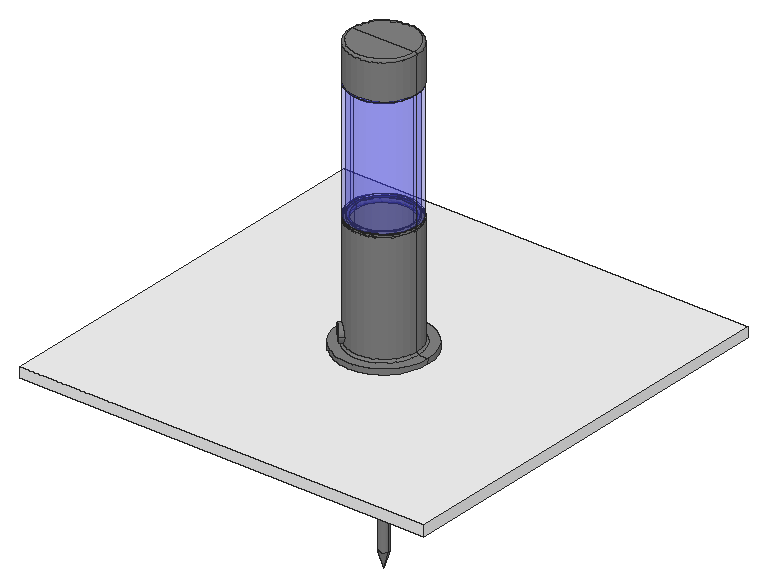
Revit family "BE_84920_de_DE", category Leuchten, Revit 2020
Family settings
  Basisbauteil = Fläche
  Bemaßung runder Anschluss = Durchmesser verwenden
  Teiletyp = Normal
  Beim Laden mit Abzugskörper schneiden = Ja
  Lichtquelle = Ja
  Gemeinsam genutzt = Nein
  Raumberechnungspunkt = Ja
Parameters (values of type "BEGA_84920_Grafit_K3")
  built-in parameter 1150104 = 14.424 (stored number, unit not read)
  Wattage = 1.9 W
  Default Elevation = 0 mm
  built-in parameter 1150113 = 1 (stored number, unit not read)
  built-in parameter 1114218 = 1 (stored number, unit not read)
  Umgebungstemperatur = "25 °C"
  URL = "https://www.bega.com/de/produkt/84920"
  Typenkommentare = "© 2022 BEGA. Wir behalten uns das Recht vor, technische Änderungen ohne vorherige Ankündigung vorzunehmen."  # constant formula
  built-in parameter 1150134 = (empty or 0)
  built-in parameter 1150109 = 1 (stored number, unit not read)
  Strom = "0,03 A"
  built-in parameter 1150110 = 1 (stored number, unit not read)
  Spannung = 239.996 V
  Sonderanfertigung = no
  Seriennummer [instance] = "Hier können Sie die eindeutige Seriennummer für das Facility Management eintragen."
  Schutzklasse = "I"
  Schutzart = "IP 65"
  Scheinlast = 0 VA
  Rutschhemmendes_Glas = ""
  Raster [instance] = no
  Produktdatenblatt = "https://cdn.bega.com/bega/products/84920K3/current/documents/data-sheets/de"
  Oberflächentemperatur = ""
  Neigungswinkel = 0.00°
  Modell = "84920K3"
  Material_18 = BEGA_Gummi_schwarz
  Material_17 = BEGA_Reflektor
  Material_15 = BEGA_Leuchtmedium_matt
  Material_11 = BEGA_Glas_opal
  Material_09 = BEGA_Glas_klar
  Material_06 = BEGA_Oberfläche_Edelstahl_gebürstet
  Material_03 = BEGA_Oberfläche_Weiss_matt
  Material_02 = BEGA_Oberfläche_Silber_matt
  Material_01 [instance] = BEGA_Oberfläche_Grafit_matt
  M_W = no
  M_G = yes
  M_A = no
  Logo = 0
  built-in parameter 1114217 = 1 (stored number, unit not read)
  built-in parameter 1150139 = (empty or 0)
  built-in parameter 1150105 = 23.475 (stored number, unit not read)
  built-in parameter 1150114 = 1 (stored number, unit not read)
  Lumens = 294.994 lm
  built-in parameter 1150115 = 1 (stored number, unit not read)
  Leuchtenlichtstrom = "186 lm"
  Leuchtenanzahl = ""
  Lebensdauerkriterien = "L70B50 @ 25 °C = 200000 h"
  Lastklassifizierung = Beleuchtung
  built-in parameter 1150112 = 1 (stored number, unit not read)
  Lampenlichtstrom = "295 lm"
  Lampe = "LED 1.9 W"
  LED_Modulbezeichnung = "LED-0684/830"
  built-in parameter 1150142 = (empty or 0)
  Hersteller = "BEGA"  # constant formula
  Halbstreuwinkel = ""
  Gewicht = "1.05 kg"
  Frequenz = "50/60 Hz"
  Farbwiedergabeindex = "CRI > 80"
  Farbtemperaturverschiebung bei Dämpfen der Lampe = <Keine Auswahl>
  Farbtemperatur = "3000 K"
  Color Filter = 16777215
  built-in parameter 1150133 = 10 (stored number, unit not read)
  Energieeffizienzklasse = "LED A++ - A"
  Einstecktiefe = ""
  built-in parameter 1150137 = (empty or 0)
  built-in parameter 1150132 = (empty or 0)
  Einbautiefe = ""
  Einbaugehäuse = no
  Einbau_in_Wärmedämmung = ""
  ENEC = ""
  Dimmbar [instance] = "on/off"
  Datei für fotometrisches Netz = "BE_84920K3.IES"
  CE_Konformität = "ja"
  Bestellnummer_Raster [instance] = ""
  Bestellnummer_Einbaugehäuse = ""
  Bestellnummer = "84920K3"
  Beschreibung_Sonderanfertigung = "Hier können Sie Informationen zur Sonderanfertigung eintragen."
  Beschreibung = "Gartenleuchte BEGA UniLink"
  built-in parameter 1150106 = 0.23475 (stored number, unit not read)
  Belastbarkeit [instance] = ""
  BEGA_Intern_aus = yes
  BEGA_Intern_an = yes
  BEGA_Intern_Konstruktion = yes
  BEGA_Intern = yes
  BEGA_IES = yes
  BEGA_Dummy = no
  Anschlussleitung = "5.0 m X05RN-F FEP 2 × 1² + 1G2,5²"
  Anschlussleistung [instance] = "2.6 W"
  Anschlusskasten = ""
  built-in parameter 1150107 = 3000 (stored number, unit not read)
  built-in parameter 1150102 = (empty or 0)
  built-in parameter 1150138 = (empty or 0)
  Aktualisierung = "2022-05-19T04:00:07"
  Abstand_zur_angestrahlten_Fläche [instance] = ""
  AC/DC = "AC"
Reference planes
  plane 1 "Mitte (Vorne/Hinten)": y = 0
  plane 2: z = 0
  plane 3 "Mitte (Links/Rechts)": x = 0
  plane 4 "Links": x = -44
  plane 5 "Rechts": x = 44
  plane 6 "Unten": y = -44
  plane 7 "Oben": y = 44
  plane 8 "Vorne": z = 272
  plane 9 "Hinten": z = -195
Forms (mm)
  Extrusion 1, solid, material "BEGA_Platte_Weiss"
    sketch origin (0, -1119.2, 0) x (1, 0, 0) y (0, 1, 0)
      loop
        line (-200, 1319.2) -> (-200, 919.2) -> (200, 919.2) -> (200, 1319.2) -> (-200, 1319.2)
    from 0 to -10
  Extrusion 2, solid, material "BEGA_Dummy_matt", visible <- "BEGA_Dummy"
    sketch origin (77.149, -76.023, -3) x (1, 0, 0) y (0, 1, 0)
      loop
        circle (-77.149, 76.023) r 44
    from 3 to 275
Dimensions and locks
  plane 1 "Mitte (Vorne/Hinten)" to Extrusion 1 = 200 mm
  aligned and locked: Extrusion 1 to plane 2
  aligned and locked: level to Extrusion 1
Nested families
  nested 1: "BE_84920" at (0, 0, 0), type "BE_84920"
Connectors
  electrical at (0, 0, 0), driven by "Lastklassifizierung", driven by "Spannung", driven by "Scheinlast"
    settings: index 1, voltage 239.996 V, apparent load 0 VA, apparent load phase1 0 VA, apparent load phase2 0 VA, apparent load phase3 0 VA, power factor 1, load classification "Beleuchtung", number of poles 1, system type 31, power factor state 1, is connector primary yes, connector utility no, sub classification motor no, connector description ""
Definition of nested family "BE_84920"
  Parameters (values of type "BE_84920")
    Default Elevation = 1 mm
    URL = "http://www.bega.de/de/produkt"
    Type Comments = "© 2015 BEGA. Wir behalten uns das Recht vor, technische Änderungen ohne vorherige Ankündigung vorzunehmen. "  # constant formula
    Type Image = (empty or 0)
    Neigungswinkel_um_Z2 = 0.00°
    Neigungswinkel_um_Z1 = 0.00°
    Neigungswinkel_um_Y2 = 0.00°
    Neigungswinkel_um_Y1 = 0.00°
    Neigungswinkel_um_X2 = 0.00°
    Neigungswinkel_um_X1 = 0.00°
    Material_18 = none
    Material_17 = none
    Material_15 = none
    Material_11 = none
    Material_09 = none
    Material_06 = none
    Material_01 = none
    M_W = yes
    M_G = yes
    M_A = yes
    Länge_Platte = 200 mm  # constant formula
    Höhe_Platte = -10 mm  # constant formula
    Manufacturer = "BEGA"  # constant formula
    Drehwinkel_um_Z2 = 0.00°
    Drehwinkel_um_Z1 = 0.00°
    Breite_Platte = 200 mm  # constant formula
  Reference planes
    plane 1 "Mitte (Oben/Unten)": y = 0
    plane 2: z = 0
    plane 3 "Mitte (Links/Rechts)": x = 0
  Forms (mm)
    Extrusion 1, solid, detail levels medium
      sketch origin (0, 0, 0) x (1, 0, 0) y (0, 1, 0)
        loop
          line (-100, 100) -> (-100, -100) -> (100, -100) -> (100, 100) -> (-100, 100)
      from 0 to -10 <- "Höhe_Platte"
    Revolve 2, solid, material <- "Material_01"
      sketch origin (0, 0, 0) x (1, 0, 0) y (0, 0, 1)
        loop
          line (-32.753, 114.999) -> (-32.761, 7.242)
          arc (-32.761, 7.242) -> (-33.328, 5.847) -> (-34.708, 5.243) r 2
          line (-34.708, 5.243) -> (-44.011, 5) -> (-44.011, 0) -> (-32.034, -0.001)
          arc (-32.034, -0.001) -> (-30.29, 0.708) -> (-29.535, 2.434) r 2.5
          line (-29.535, 2.434) -> (-28.81, 30.038)
          arc (-28.81, 30.038) -> (-28.211, 31.427) -> (-26.811, 31.999) r 2
          line (-26.811, 31.999) -> (-8.837, 31.997)
          arc (-8.837, 31.997) -> (-7.434, 31.423) -> (-6.838, 30.029) r 2
          line (-6.838, 30.029) -> (-5.024, -179.523) -> (0, -195.461) -> (0, 34.997) -> (-28.612, 34.999) -> (-29.965, 112.799) -> (-31.934, 114.701) -> (-32.753, 114.999)
        axis (0, 114.999) -> (0, -195.461)
      angle from 0 to 360
    Revolve 3, solid, material <- "Material_18"
      sketch origin (0, 0, 0) x (1, 0, 0) y (0, 0, 1)
        loop
          arc (-29.703, 115.949) -> (-30.905, 115.451) -> (-31.403, 114.249) r 1.7
          arc (-31.403, 114.249) -> (-30.905, 113.047) -> (-29.703, 112.549) r 1.7
          arc (-29.703, 112.549) -> (-28.003, 114.249) -> (-29.703, 115.949) r 1.7
        axis (0, 115.949) -> (0, 112.549)
      angle from 0 to 360
    Extrusion 4, solid, material <- "Material_01"
      sketch origin (0, 0, 0) x (1, 0, 0) y (0, 0, 1)
        loop
          line (-24.307, -2.5) -> (-5.658, -34.8) -> (5.658, -34.8) -> (24.307, -2.5)
          arc (24.307, -2.5) -> (26.037, -0.729) -> (28.405, -0.005) r 5
          line (28.405, -0.005) -> (32.012, -0.005)
          arc (32.012, -0.005) -> (30.269, 0.703) -> (29.513, 2.426) r 2.5
          line (29.513, 2.426) -> (28.792, 30.047)
          arc (28.792, 30.047) -> (28.188, 31.427) -> (26.793, 31.995) r 2
          line (26.793, 31.995) -> (14.603, 31.996) -> (-26.811, 31.999)
          arc (-26.811, 31.999) -> (-28.211, 31.427) -> (-28.81, 30.038) r 2
          line (-28.81, 30.038) -> (-29.535, 2.434)
          arc (-29.535, 2.434) -> (-30.29, 0.708) -> (-32.034, -0.001) r 2.5
          line (-32.034, -0.001) -> (-28.405, -0.005)
          arc (-28.405, -0.005) -> (-26.037, -0.729) -> (-24.307, -2.5) r 5
      from -1.5 to 1.5
    Extrusion 5, solid, material <- "Material_01"
      sketch origin (-0.011, -0.011, 0) x (0.000089, -1, 0) y (0, 0, 1)
        loop
          line (-24.307, -2.5) -> (-5.658, -34.8) -> (5.658, -34.8) -> (24.307, -2.5)
          arc (24.307, -2.5) -> (26.037, -0.729) -> (28.405, -0.005) r 5
          line (28.405, -0.005) -> (32.012, -0.005)
          arc (32.012, -0.005) -> (30.269, 0.703) -> (29.513, 2.426) r 2.5
          line (29.513, 2.426) -> (28.792, 30.047)
          arc (28.792, 30.047) -> (28.188, 31.427) -> (26.793, 31.995) r 2
          line (26.793, 31.995) -> (14.603, 31.996) -> (-26.811, 31.999)
          arc (-26.811, 31.999) -> (-28.211, 31.427) -> (-28.81, 30.038) r 2
          line (-28.81, 30.038) -> (-29.535, 2.434)
          arc (-29.535, 2.434) -> (-30.29, 0.708) -> (-32.034, -0.001) r 2.5
          line (-32.034, -0.001) -> (-28.405, -0.005)
          arc (-28.405, -0.005) -> (-26.037, -0.729) -> (-24.307, -2.5) r 5
      from -1.5 to 1.5
    Extrusion 6, solid, material <- "Material_01"
      sketch origin (0, 0, 0) x (0.707107, -0.707107, 0) y (0, 0, 1)
        loop
          circle (0, 14.956) r 8.029
        loop
          circle (0, 14.956) r 5.5
      from 30.225 to 35.5
    Extrusion 7, void
      sketch origin (0, 0, 0) x (0.707107, -0.707107, 0) y (0, 0, 1)
        loop
          circle (0, 14.956) r 5.5
      from 25.249 to 38.861
    Revolve 8, solid, material <- "Material_11"
      sketch origin (0, 0, 0) x (1, 0, 0) y (0, 0, 1)
        loop
          arc (-32.5, 117.392) -> (-32.272, 116.756) -> (-31.691, 116.41) r 1
          line (-31.691, 116.41) -> (-29.416, 115.968) -> (-29.416, 112.374) -> (-26.416, 112.374) -> (-26.416, 117.392) -> (-28.801, 117.856)
          arc (-28.801, 117.856) -> (-29.303, 118.154) -> (-29.5, 118.704) r 0.864
          line (-29.5, 118.704) -> (-29.5, 232.154)
          arc (-29.5, 232.154) -> (-29.349, 232.913) -> (-28.919, 233.557) r 1.983
          line (-28.919, 233.557) -> (-27.736, 234.74) -> (-27.736, 242.116) -> (-30.736, 242.116) -> (-30.736, 235.855) -> (-31.674, 235.314)
          arc (-31.674, 235.314) -> (-32.266, 234.972) -> (-32.5, 234.329) r 1
          line (-32.5, 234.329) -> (-32.5, 117.392)
        axis (0, 242.116) -> (0, 112.374)
      angle from 0 to 360
    Revolve 9, solid, material <- "Material_01"
      sketch origin (0, 0, 0) x (1, 0, 0) y (0, 0, 1)
        loop
          line (-32.5, 235.468) -> (-30.511, 235.468) -> (-30.511, 269.868) -> (0, 269.868) -> (0, 271.868) -> (-30.511, 271.868)
          arc (-30.511, 271.868) -> (-31.914, 271.282) -> (-32.5, 269.879) r 2
          line (-32.5, 269.879) -> (-32.5, 235.468)
        axis (0, 271.868) -> (0, 235.468)
      angle from 0 to 360
  Cuts and joins
    Extrusion 7 cuts Revolve 2
    Extrusion 7 cuts Extrusion 4
    Extrusion 7 cuts Extrusion 5
    Extrusion 7 cuts Extrusion 6
  Dimensions and locks
    equal spacing: Extrusion 1 sketch curve, plane 3 "Mitte (Links/Rechts)", Extrusion 1 sketch curve
    equal spacing: Extrusion 1 sketch curve, plane 1 "Mitte (Oben/Unten)", Extrusion 1 sketch curve
    "Länge_Platte": Extrusion 1 sketch curve to Extrusion 1 sketch curve
    "Breite_Platte": Extrusion 1 sketch curve to Extrusion 1 sketch curve
    aligned and locked: Extrusion 1 to plane 2
    aligned and locked: level to Extrusion 1
  Automatic sketch dimensions
    Revolve 2 sketch curve to level = 0 mm
    Revolve 2 sketch curve to plane 3 "Mitte (Links/Rechts)" = 0 mm
    Revolve 2 sketch curve to plane 3 "Mitte (Links/Rechts)" = 5.024 mm
    Revolve 2 sketch curve to plane 3 "Mitte (Links/Rechts)" = 6.838 mm
    Revolve 2 sketch curve to Revolve 2 sketch curve = 2 mm  (x4)
    Revolve 2 sketch curve to Revolve 2 sketch curve = 17.973 mm
    Revolve 2 sketch curve to Revolve 2 sketch curve = 0 mm  (x6)
    Revolve 2 sketch curve to Revolve 2 sketch curve = 1.802 mm
    Revolve 2 sketch curve to plane 3 "Mitte (Links/Rechts)" = 29.965 mm
    level to Revolve 2 sketch curve = 2.499 mm
    Revolve 2 sketch curve to Revolve 2 sketch curve = 3.224 mm
    Revolve 2 sketch curve to level = 0.001 mm
    level to Revolve 2 sketch curve = 7.242 mm
    Revolve 2 sketch curve to Revolve 2 sketch curve = 0.726 mm
    level to Revolve 2 sketch curve = 5 mm
    Revolve 2 sketch curve to Revolve 2 sketch curve = 9.25 mm
    Revolve 2 sketch curve to level = 179.523 mm
    Revolve 2 sketch curve to Revolve 2 sketch curve = 15.937 mm
    level to Revolve 2 sketch curve = 29.997 mm
    Revolve 2 sketch curve to Revolve 2 sketch curve = 0.001 mm
    Revolve 2 sketch curve to Revolve 2 sketch curve = 0.031 mm
    Revolve 2 sketch curve to Revolve 2 sketch curve = 0.039 mm
    Revolve 2 sketch curve to Revolve 2 sketch curve = 4.968 mm
    Revolve 2 sketch curve to Revolve 2 sketch curve = 3 mm
    Revolve 2 sketch curve to Revolve 2 sketch curve = 77.8 mm
    level to Revolve 2 sketch curve = 2.434 mm
    Revolve 2 sketch curve to Revolve 2 sketch curve = 2.499 mm
    Revolve 2 sketch curve to Revolve 2 sketch curve = 0.819 mm
    Revolve 2 sketch curve to Revolve 2 sketch curve = 0.052 mm
    level to Revolve 2 sketch curve = 5.243 mm
    Revolve 2 sketch curve to Revolve 2 sketch curve = 1.902 mm
    Revolve 2 sketch curve to Revolve 2 sketch curve = 0.298 mm
    Revolve 2 sketch curve to Revolve 2 sketch curve = 2.788 mm
    Revolve 3 sketch curve to Revolve 3 sketch curve = 0 mm  (x11)
    Revolve 3 sketch curve to plane 3 "Mitte (Links/Rechts)" = 29.703 mm
    level to Revolve 3 sketch curve = 114.249 mm
    Revolve 3 sketch curve to Revolve 3 sketch curve = 1.7 mm  (x2)
    level to Extrusion 4 sketch curve = 2.499 mm
    Extrusion 4 sketch curve to plane 3 "Mitte (Links/Rechts)" = 32.034 mm
    Extrusion 4 sketch curve to Extrusion 4 sketch curve = 3.224 mm
    Extrusion 4 sketch curve to Extrusion 4 sketch curve = 3.397 mm
    Extrusion 4 sketch curve to level = 0.005 mm  (x2)
    Extrusion 4 sketch curve to Extrusion 4 sketch curve = 3.629 mm
    Extrusion 4 sketch curve to Extrusion 4 sketch curve = 2 mm
    Extrusion 4 sketch curve to plane 3 "Mitte (Links/Rechts)" = 5.658 mm
    plane 3 "Mitte (Links/Rechts)" to Extrusion 4 sketch curve = 5.658 mm
    plane 3 "Mitte (Links/Rechts)" to Extrusion 4 sketch curve = 28.405 mm
    Extrusion 4 sketch curve to Extrusion 4 sketch curve = 0.232 mm
    level to Extrusion 4 sketch curve = 2.426 mm
    Extrusion 4 sketch curve to Extrusion 4 sketch curve = 1.108 mm
    level to Extrusion 4 sketch curve = 2.495 mm
    Extrusion 4 sketch curve to Extrusion 4 sketch curve = 4.995 mm  (x2)
    Extrusion 4 sketch curve to level = 34.8 mm
    Extrusion 4 sketch curve to Extrusion 4 sketch curve = 27.5 mm
    Extrusion 4 sketch curve to Extrusion 4 sketch curve = 0.039 mm
    Extrusion 4 sketch curve to level = 0.001 mm
    Extrusion 4 sketch curve to Extrusion 4 sketch curve = 0 mm  (x5)
    Extrusion 4 sketch curve to Extrusion 4 sketch curve = 0.022 mm
    level to Extrusion 4 sketch curve = 2.434 mm  (x2)
    Extrusion 4 sketch curve to level = 2.5 mm  (x3)
    Extrusion 4 sketch curve to Extrusion 4 sketch curve = 4.098 mm
    plane 3 "Mitte (Links/Rechts)" to Extrusion 4 sketch curve = 14.603 mm  (x2)
    Extrusion 4 sketch curve to Extrusion 4 sketch curve = 14.19 mm
    Extrusion 4 sketch curve to Extrusion 4 sketch curve = 1.952 mm
    Extrusion 4 sketch curve to Extrusion 4 sketch curve = 1.999 mm
    Extrusion 4 sketch curve to Extrusion 4 sketch curve = 12.19 mm
    Extrusion 4 sketch curve to Extrusion 4 sketch curve = 0.052 mm
    Extrusion 4 sketch curve to Extrusion 4 sketch curve = 0.004 mm
    Extrusion 4 sketch curve to Extrusion 4 sketch curve = 0.003 mm
    level to Extrusion 5 sketch curve = 2.499 mm
    level to Extrusion 5 sketch curve = 30.038 mm
    Extrusion 5 sketch curve to Extrusion 5 sketch curve = 3.224 mm
    Extrusion 5 sketch curve to Extrusion 5 sketch curve = 3.397 mm
    Extrusion 5 sketch curve to level = 0.005 mm  (x2)
    Extrusion 5 sketch curve to Extrusion 5 sketch curve = 3.629 mm
    Extrusion 5 sketch curve to Extrusion 5 sketch curve = 2 mm  (x2)
    Extrusion 5 sketch curve to level = 34.8 mm
    Extrusion 5 sketch curve to Extrusion 5 sketch curve = 22.979 mm
    Extrusion 5 sketch curve to Extrusion 5 sketch curve = 11.316 mm
    Extrusion 5 sketch curve to Extrusion 5 sketch curve = 53.603 mm
    level to Extrusion 5 sketch curve = 31.995 mm
    Extrusion 5 sketch curve to Extrusion 5 sketch curve = 0 mm  (x7)
    Extrusion 5 sketch curve to Extrusion 5 sketch curve = 1.612 mm
    Extrusion 5 sketch curve to Extrusion 5 sketch curve = 0.232 mm
    level to Extrusion 5 sketch curve = 2.426 mm
    Extrusion 5 sketch curve to Extrusion 5 sketch curve = 1.108 mm
    Extrusion 5 sketch curve to Extrusion 5 sketch curve = 2.499 mm
    Extrusion 5 sketch curve to Extrusion 5 sketch curve = 4.995 mm  (x2)
    Extrusion 5 sketch curve to Extrusion 5 sketch curve = 0.039 mm
    Extrusion 5 sketch curve to level = 0.001 mm
    Extrusion 5 sketch curve to Extrusion 5 sketch curve = 0.022 mm
    level to Extrusion 5 sketch curve = 2.434 mm  (x2)
    Extrusion 5 sketch curve to level = 2.5 mm  (x3)
    Extrusion 5 sketch curve to Extrusion 5 sketch curve = 12.19 mm
    level to Extrusion 5 sketch curve = 31.996 mm
    Extrusion 5 sketch curve to Extrusion 5 sketch curve = 4.098 mm
    Extrusion 5 sketch curve to Extrusion 5 sketch curve = 1.999 mm
    level to Extrusion 5 sketch curve = 30.047 mm
    Extrusion 6 sketch curve to Extrusion 6 sketch curve = 0 mm  (x2)
    level to Extrusion 6 sketch curve = 14.956 mm
    Extrusion 7 sketch curve to Extrusion 7 sketch curve = 0 mm  (x2)
    level to Extrusion 7 sketch curve = 14.956 mm
    Extrusion 7 sketch curve to Extrusion 7 sketch curve = 5.5 mm
    Revolve 8 sketch curve to plane 3 "Mitte (Links/Rechts)" = 0 mm
    Revolve 8 sketch curve to plane 3 "Mitte (Links/Rechts)" = 26.416 mm
    Revolve 8 sketch curve to plane 3 "Mitte (Links/Rechts)" = 27.517 mm
    Revolve 8 sketch curve to Revolve 8 sketch curve = 0.219 mm
    Revolve 8 sketch curve to Revolve 8 sketch curve = 2.221 mm
    Revolve 8 sketch curve to Revolve 8 sketch curve = 0.165 mm
    Revolve 8 sketch curve to Revolve 8 sketch curve = 1.183 mm  (x2)
    Revolve 8 sketch curve to Revolve 8 sketch curve = 0.615 mm
    Revolve 8 sketch curve to Revolve 8 sketch curve = 0.581 mm
    Revolve 8 sketch curve to Revolve 8 sketch curve = 3 mm
    Revolve 8 sketch curve to Revolve 8 sketch curve = 2 mm
    Revolve 8 sketch curve to Revolve 8 sketch curve = 0.764 mm
    Revolve 8 sketch curve to Revolve 8 sketch curve = 0.174 mm
    level to Revolve 8 sketch curve = 112.374 mm
    Revolve 8 sketch curve to Revolve 8 sketch curve = 3.594 mm
    Revolve 8 sketch curve to Revolve 8 sketch curve = 1.424 mm  (x2)
    Revolve 8 sketch curve to Revolve 8 sketch curve = 1.888 mm
    Revolve 8 sketch curve to Revolve 8 sketch curve = 113.451 mm
    Revolve 8 sketch curve to Revolve 8 sketch curve = 0.772 mm
    Revolve 8 sketch curve to Revolve 8 sketch curve = 0.985 mm
    Revolve 8 sketch curve to Revolve 8 sketch curve = 0.542 mm
    Revolve 8 sketch curve to Revolve 8 sketch curve = 6.261 mm
    Revolve 8 sketch curve to Revolve 8 sketch curve = 0.191 mm
    Revolve 8 sketch curve to Revolve 8 sketch curve = 0 mm  (x7)
    Revolve 8 sketch curve to Revolve 8 sketch curve = 1 mm
    Revolve 8 sketch curve to level = 195.574 mm
    Revolve 8 sketch curve to Revolve 8 sketch curve = 18.287 mm
    Revolve 9 sketch curve to plane 3 "Mitte (Links/Rechts)" = 32.5 mm
    Revolve 9 sketch curve to Revolve 9 sketch curve = 1.989 mm
    level to Revolve 9 sketch curve = 269.868 mm
    Revolve 9 sketch curve to Revolve 9 sketch curve = 0.011 mm  (x3)
    Revolve 9 sketch curve to Revolve 9 sketch curve = 34.4 mm
    Revolve 9 sketch curve to Revolve 9 sketch curve = 0 mm
    Revolve 9 sketch curve to plane 3 "Mitte (Links/Rechts)" = 0 mm
    radius of Extrusion 6 sketch curve = 8.029 mm
    radius of Extrusion 6 sketch curve = 5.5 mm
